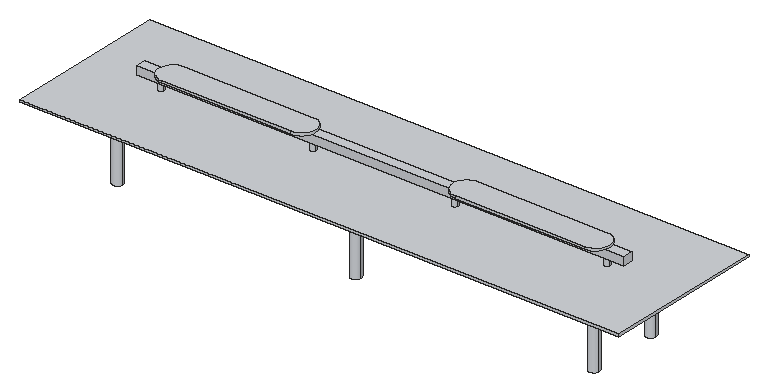
Revit family "Mesa - Estação de trabalho com fiação 2", category Mobiliário, Revit 2019
Family settings
  Número OmniClass = 23.40.20.00
  Título OmniClass = General Furniture and Specialties
  Com base no plano de trabalho = Não
  Sempre na vertical = Sim
  Corte com vazios quando carregada = Não
  Compartilhado = Não
  Ponto de cálculo do ambiente = Não
Parameters
  w [instance] = if(Comprimento < 5900 mm, 0.5 * (Comprimento - 1100 mm) - 200 mm, (Comprimento - 1100 mm) / 3)  # 1600 mm
  Raio do poste = 50 mm
  Espessura do painel = 20 mm
  Visibilidade do poste do meio [instance] = Comprimento > 5800 mm  # yes
  Comprimento [instance] = 5900 mm
  Material de poste = none
  Altura = 720 mm
  Material do painel = none
  Largura = 1600 mm
Reference planes
  plane 1 "Centro (Frente/Trás)": y = 0
  plane 2: z = 0
  plane 3 "Centro (Esquerda/Direita)": x = 0
  plane 4: y = 800
  plane 5: y = -800
  plane 6: x = -2950
  plane 7: x = 2950
  plane 8: z = 720
  plane 9: x = -2400
  plane 10: x = 2400
  plane 11: z = 800
  plane 12: z = 880
  plane 13: x = -2200
  plane 14: x = -700
  plane 15: x = 2200
  plane 16: x = -800
  plane 17: x = 800
  plane 18: x = 700
  plane 19: y = 140
  plane 20: y = -140
  plane 21: x = -2350
  plane 22: x = 2350
  plane 23: y = 350
  plane 24: y = -350
  plane 25: z = 700
  plane 26: z = 620
  plane 27: x = -2300
  plane 28: x = 2300
  plane 29: z = 970
Forms (mm)
  Extrusion 1, solid, material <- "Material do painel"
    sketch origin (-2725.209, -1524, 720) x (-1, 0, 0) y (0, -1, 0)
      loop
        line (224.791, -2324) -> (224.791, -724) -> (-5675.209, -724) -> (-5675.209, -2324) -> (224.791, -2324)
    from 0 to -20
  Extrusion 2, solid, material <- "Material de poste"
    sketch origin (0, 0, 0) x (1, 0, 0) y (0, 0, 1)
      loop
        line (-2400, 880) -> (-2400, 800) -> (2400, 800) -> (2400, 880) -> (-2400, 880)
    from -50 to 50
  Extrusion 3, solid, material <- "Material de poste"
    sketch origin (0, 0, 0) x (1, 0, 0) y (0, 1, 0)
      loop
        circle (-2200, 0) r 25
      loop
        circle (-700, 0) r 25
      loop
        circle (2200, 0) r 25
      loop
        circle (700, 0) r 25
    from 720 to 800
  Extrusion 4, solid, material <- "Material do painel"
    sketch origin (-2725.209, -1524, 880) x (-1, 0, 0) y (0, -1, 0)
      loop
        arc (-640.209, -1664) -> (-500.209, -1524) -> (-640.209, -1384) r 140
        line (-640.209, -1384) -> (-1910.209, -1384)
        arc (-1910.209, -1384) -> (-2050.209, -1524) -> (-1910.209, -1664) r 140
        line (-1910.209, -1664) -> (-640.209, -1664)
      loop
        line (-4810.209, -1664) -> (-3540.209, -1664)
        arc (-3540.209, -1664) -> (-3400.209, -1524) -> (-3540.209, -1384) r 140
        line (-3540.209, -1384) -> (-4810.209, -1384)
        arc (-4810.209, -1384) -> (-4950.209, -1524) -> (-4810.209, -1664) r 140
    from 0 to 20
  Extrusion 5, solid, material <- "Material de poste"
    sketch origin (0, 0, 0) x (1, 0, 0) y (0, 1, 0)
      loop
        circle (-2350, 350) r 50
      loop
        circle (-2350, -350) r 50
      loop
        circle (2350, 350) r 50
      loop
        circle (2350, -350) r 50
    from 0 to 700
  Extrusion 6, solid, material <- "Material de poste", visible <- "Visibilidade do poste do meio"
    sketch origin (0, 0, 0) x (1, 0, 0) y (0, 1, 0)
      loop
        circle (0, 350) r 50
      loop
        circle (0, -350) r 50
    from 0 to 700
  Extrusion 7, solid, material <- "Material de poste"
    sketch origin (-2992.394, -350, 1200) x (-1, 0, 0) y (0, 0, 1)
      loop
        line (-692.394, -500) -> (-5292.394, -500) -> (-5292.394, -580) -> (-692.394, -580) -> (-692.394, -500)
    from -50 to 50
  Extrusion 8, solid, material <- "Material de poste"
    sketch origin (-2992.394, 350, 1200) x (-1, 0, 0) y (0, 0, 1)
      loop
        line (-692.394, -500) -> (-5292.394, -500) -> (-5292.394, -580) -> (-692.394, -580) -> (-692.394, -500)
    from -50 to 50
Lines and regions (mm)
  Masking region 1
    outline origin (0, 0, 0) x (1, 0, 0) y (0, 1, 0)
      loop
        line (-2950, 800) -> (-2950, -800) -> (2950, -800) -> (2950, 800) -> (-2950, 800)
  symbolic lines
    curve 1: line (-2950, 800, 0) -> (2950, 800, 0)
    curve 2: line (-2950, -800, 0) -> (-2950, 800, 0)
    curve 3: line (2950, -800, 0) -> (-2950, -800, 0)
    curve 4: line (2950, 800, 0) -> (2950, -800, 0)
    curve 5: line (-2400, 50, 0) -> (-2215.767, 50, 0)
    curve 6: line (-2400, -50, 0) -> (-2400, 50, 0)
    curve 7: line (2400, -50, 0) -> (2215.767, -50, 0)
    curve 8: line (2400, 50, 0) -> (2400, -50, 0)
    curve 9: line (-815, 140, 0) -> (-2085, 140, 0)
    curve 10: arc (-2085, 140, 0) -> (-2225, 0, 0) -> (-2085, -140, 0) r 140
    curve 11: arc (-815, -140, 0) -> (-675, 0, 0) -> (-815, 140, 0) r 140
    curve 12: line (-2085, -140, 0) -> (-815, -140, 0)
    curve 13: line (2085, 140, 0) -> (815, 140, 0)
    curve 14: arc (815, 140, 0) -> (675, 0, 0) -> (815, -140, 0) r 140
    curve 15: line (815, -140, 0) -> (2085, -140, 0)
    curve 16: arc (2085, -140, 0) -> (2225, 0, 0) -> (2085, 140, 0) r 140
    curve 17: line (-684.233, 50, 0) -> (684.233, 50, 0)
    curve 18: line (-2215.767, -50, 0) -> (-2400, -50, 0)
    curve 19: line (2215.767, 50, 0) -> (2400, 50, 0)
    curve 20: line (684.233, -50, 0) -> (-684.233, -50, 0)
Dimensions and locks
  equal spacing: plane 4, plane 1 "Centro (Frente/Trás)", plane 5
  "Largura": plane 4 to plane 5
  equal spacing: plane 6, plane 3 "Centro (Esquerda/Direita)", plane 7
  "Comprimento": plane 6 to plane 7
  "Altura": plane 8 to plane 2
  locked: plane 6 to plane 9 at 550
  locked: plane 10 to plane 7 at 550
  locked: plane 11 to plane 8 at 80
  locked: plane 12 to plane 11 at 80
  locked: plane 9 to plane 13 at 200
  locked: plane 15 to plane 10 at 200
  locked: plane 16 to plane 14 at 100
  locked: plane 18 to plane 17 at 100
  locked: plane 19 to plane 1 "Centro (Frente/Trás)" at 140
  locked: plane 1 "Centro (Frente/Trás)" to plane 20 at 140
  locked: plane 18 to Extrusion 4 sketch curve at 115
  locked: Extrusion 4 sketch curve to plane 15 at 115
  locked: plane 13 to Extrusion 4 sketch curve at 115
  locked: Extrusion 4 sketch curve to plane 14 at 115
  locked: plane 9 to plane 21 at 50
  locked: plane 22 to plane 10 at 50
  plane 23 to plane 1 "Centro (Frente/Trás)" to plane 24 = 350 mm locked, 350 mm locked
  "Espessura do painel": plane 8 to plane 25
  "w": plane 9 to plane 16
  "w": plane 17 to plane 10
  locked: plane 25 to plane 26 at 80
  locked: plane 21 to plane 27 at 50
  locked: plane 28 to plane 22 at 50
  locked: plane 29 to plane 8 at 250
  locked: plane 1 "Centro (Frente/Trás)" to curve 5 at 50
  locked: curve 18 to plane 1 "Centro (Frente/Trás)" at 50
  "Raio do poste": radius of Extrusion 5 sketch curve  (x4)
  "Raio do poste": radius of Extrusion 6 sketch curve  (x2)
  aligned and locked: level to plane 2
  aligned and locked: Extrusion 1 sketch curve to plane 4
  aligned and locked: plane 6 to Extrusion 1 sketch curve
  aligned and locked: Extrusion 1 sketch curve to plane 5
  aligned and locked: Extrusion 1 sketch curve to plane 7
  aligned and locked: Extrusion 2 sketch curve to plane 12
  aligned and locked: plane 9 to Extrusion 2 sketch curve
  aligned and locked: plane 11 to Extrusion 2 sketch curve
  aligned and locked: Extrusion 2 sketch curve to plane 10
  aligned and locked: Extrusion 3 sketch curve to plane 1 "Centro (Frente/Trás)"
  aligned and locked: plane 1 "Centro (Frente/Trás)" to Extrusion 3 sketch curve  (x3)
  aligned and locked: plane 13 to Extrusion 3 sketch curve
  aligned and locked: plane 14 to Extrusion 3 sketch curve
  aligned and locked: plane 15 to Extrusion 3 sketch curve
  aligned and locked: plane 11 to Extrusion 3
  aligned and locked: Extrusion 3 to plane 8
  aligned and locked: plane 18 to Extrusion 3 sketch curve
  aligned and locked: Extrusion 4 sketch curve to plane 1 "Centro (Frente/Trás)"
  aligned and locked: plane 1 "Centro (Frente/Trás)" to Extrusion 4 sketch curve  (x3)
  aligned and locked: plane 23 to Extrusion 5 sketch curve  (x2)
  aligned and locked: plane 21 to Extrusion 5 sketch curve  (x2)
  aligned and locked: plane 24 to Extrusion 5 sketch curve  (x2)
  aligned and locked: plane 22 to Extrusion 5 sketch curve  (x2)
  aligned and locked: plane 25 to Extrusion 5
  aligned and locked: plane 23 to Extrusion 6 sketch curve
  aligned and locked: plane 3 "Centro (Esquerda/Direita)" to Extrusion 6 sketch curve  (x2)
  aligned and locked: plane 24 to Extrusion 6 sketch curve
  aligned and locked: plane 25 to Extrusion 6
  aligned and locked: Extrusion 7 sketch curve to Extrusion 5  (x2)
  aligned and locked: plane 26 to Extrusion 7 sketch curve
  aligned and locked: plane 28 to Extrusion 7 sketch curve
  aligned and locked: Extrusion 8 sketch curve to Extrusion 7  (x4)
  aligned and locked: Masking region 1 sketch curve to Extrusion 1  (x4)
  aligned and locked: curve 1 to Extrusion 1
  aligned and locked: curve 2 to Extrusion 1
  aligned and locked: curve 3 to Extrusion 1
  aligned and locked: curve 4 to Extrusion 1
  aligned and locked: curve 6 to Extrusion 2
  aligned and locked: curve 8 to Extrusion 2
  aligned and locked: curve 10 to Extrusion 4
  aligned and locked: curve 11 to Extrusion 4
  aligned and locked: curve 14 to Extrusion 4
  aligned and locked: curve 16 to Extrusion 4
  aligned and locked: Extrusion 1 to plane 25
Automatic sketch dimensions
  Extrusion 4 sketch curve to plane 19 = 0 mm
  Extrusion 4 sketch curve to plane 20 = 0 mm
  plane 14 to curve 20 = 15.767 mm
  plane 14 to curve 17 = 15.767 mm
  plane 15 to curve 7 = 15.767 mm
  plane 15 to curve 19 = 15.767 mm
  radius of Extrusion 3 sketch curve = 25 mm  (x4)
